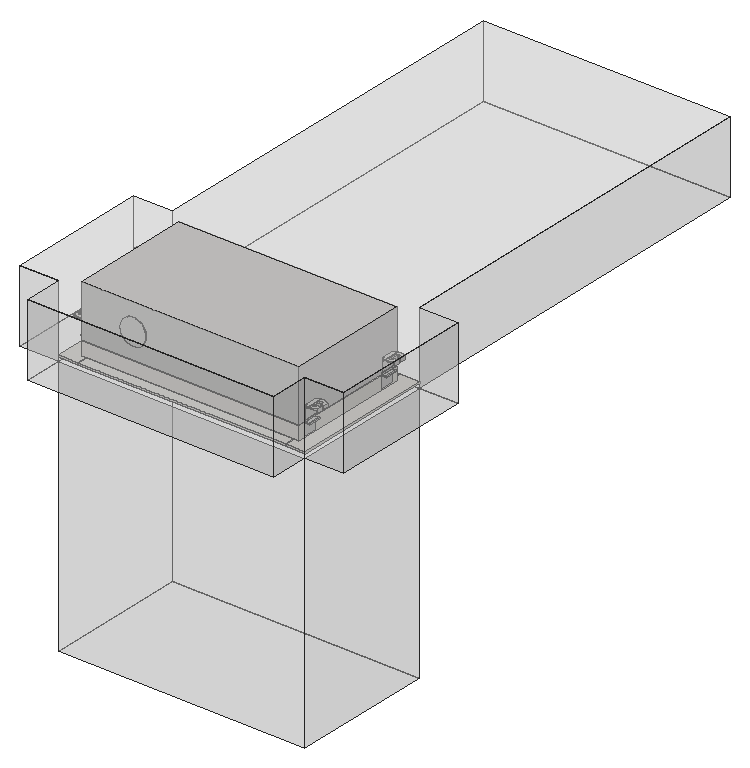
Revit family "outputfile", category 機械設備, Revit 2024
Family settings
  丸型コネクタ寸法 = 半径を使用
  パーツ タイプ = 標準
  OmniClass 番号 = 23.75.10.24.21.27.27
  OmniClass タイトル = Split System Air Conditioning Units
  作業面ベース = いいえ
  常に垂直 = はい
  ロード時にボイドで切り取り = いいえ
  注釈の向きを維持 = いいえ
  共有 = いいえ
  部屋計算ポイント = はい
Parameters (values of type "FXEQ20AV36")
  製造元 = "Daikin"
  書き出し IFC クラス(タイプ) = "IfcUnitaryEquipmentType"
  定義済み IFC タイプ(タイプ) = "AIRCONDITIONINGUNIT"
  モデル = "FXEQ20AV36"
  w_mountinghole = if(Width = 1350 mm, 1303 mm, 903 mm)  # 903 mm
  w_casing = if(Width = 1350 mm, 1240 mm, 840 mm)  # 840 mm
  r_OAduct = OA Duct Size Diameter / 2  # 50 mm
  r_Liquid Pipe Size = Liquid Pipe Size / 2  # 3.2 mm
  r_Gas Pipe Size = Gas Pipe Size / 2  # 6.35 mm
  r_Drain Pipe Size = Drain Pipe Size / 2  # 13.0 mm
  lw_powersuply = w_casing / 2 + 1.5 mm  # 421.5 mm
  lw_gaspipe = w_casing / 2 + 65 mm  # 485 mm
  lw_drainpipe = w_casing / 2 + 32 mm  # 452 mm
  lw_liquidpipe = w_casing / 2 + 55 mm  # 475 mm
  lw_OA = if(Width = 1350 mm, 420 mm, 220 mm)  # 220 mm
  lh_powersuply = 129.2 mm
  lh_liquidpipe = 180 mm
  lh_gaspipe = 138 mm
  lh_drainpipe = 215 mm
  lh_OA = 65 mm
  ld_powersuply = 64.2 mm
  ld_liquidpipe = 26 mm
  ld_gaspipe = 72 mm
  ld_drainpipe = 69 mm
  ld_OA = 235 mm
  h_mountinghole = 115 mm
  h_casing = 255 mm
  h_antenna = h_casing - h_mountinghole + 1 mm  # 141 mm
  d_mountinghole = 371 mm
  d_casing = 470 mm
  Width = 950 mm
  Voltage_comment_50Hz = "220-240"
  Voltage_50Hz = 220 V
  Version = "ver.1.0"
  Unit Type = "Ceiling Mounted Cassette(Single Flow）"
  Unit Mass Weight = 17.00 kg
  Unit Designation [instance] = ""
  Uniclass2015Version = "Products v1.30"
  Uniclass2015Title = "Variable refrigerant flow units"
  Uniclass2015Code = "Pr_70_65_03_94"
  Total Heating Capacity [instance] = 0.000 kW
  Total Cooling Capacity [instance] = 0.000 kW
  Sound Pressure Level_M speed (dBA) = 28
  Sound Pressure Level_L speed (dBA) = 26
  Sound Pressure Level_H speed (dBA) = 30
  Series = "VRV Fan Coil Unit"
  Sensible Cooling Capacity [instance] = 0.000 kW
  Refrigerant Type = "R410A"
  Power Input (Heating) = 0.022 kW
  Power Input (Cooling) = 0.026 kW
  Phase_50Hz = 1
  Option Accessory 3 [instance] = ""
  Option Accessory 2 [instance] = ""
  Option Accessory 1 [instance] = ""
  OA Duct Size Diameter = 100 mm
  Nominal Heating Capacity = 2.500 kW
  Nominal Cooling Capacity = 2.200 kW
  Minimum Circuit Amps_50Hz = 0.3 A
  Minimum Airflow = 240.00 m³/h
  Median Airflow = 294.00 m³/h
  Maximum Fuse Amps_50Hz = 16.0 A
  Maximum Airflow = 360.00 m³/h
  Material_Casing = DAIKIN_GalvanizedSteel_Casing_indoorunit
  Load Classification = HVAC
  Liquid Pipe Size = 6.4 mm
  Link_Nested Family [instance] = ""
  IfcVersion = ""
  IfcExportType = "AIRCONDITIONINGUNIT"
  IfcExportAs = "IfcUnitaryEquipmentType"
  Height = 280 mm
  Heating Entering Wet Bulb Temperature [instance] = 0.00 °C
  Heating Entering Dry Bulb Temperature [instance] = 0.00 °C
  Heating Ambient Wet Bulb Temperature [instance] = 0.00 °C
  Heating Ambient Dry Bulb Temperature [instance] = 0.00 °C
  Heat Exchanger Type = "Cross Fin Coil"
  Gas Pipe Size = 12.7 mm
  Frequency_50Hz = 50 Hz
  Fan Type = "Sirocco Fan"
  Fan Drive = "Direct Drive"
  FCU Tag No. [instance] = ""
  Drain Pipe Size = 26.0 mm
  Design Supply Airflow [instance] = 0.00 m³/h
  Design Outdoor Airflow [instance] = 0.00 m³/h
  Depth = 550 mm
  既定の高さ = 0 mm
  Cooling Entering Wet Bulb Temperature [instance] = 0.00 °C
  Cooling Entering Dry Bulb Temperature [instance] = 0.00 °C
  Cooling Ambient Wet Bulb Temperature [instance] = 0.00 °C
  Cooling Ambient Dry Bulb Temperature [instance] = 0.00 °C
  Clearance visibility [instance] = yes
  Clearance Top = 0 mm
  Clearance Right = 150 mm
  Clearance Rear = 1500 mm
  Clearance Left = 150 mm
  Clearance Front = 150 mm
  Clearance Bottom = 1000 mm
Reference planes
  plane 1 "Center (Front/Back)": y = 0
  plane 2 "ceiling plane": z = 0
  plane 3 "Center (Left/Right)": x = 0
  plane 4 "Back": y = 275
  plane 5 "Front": y = -275
  plane 6 "Left": x = -475
  plane 7 "Right": x = 475
  plane 8 "Top": z = 255
  plane 9 "Bottom": z = -25
  plane 10: x = -420
  plane 11: x = 420
  plane 12: y = 235
  plane 13: y = -235
  plane 14: x = 170
  plane 15: y = 185.5
  plane 16: y = -185.5
  plane 17: x = -451.5
  plane 18: x = 451.5
  plane 19: y = 26
  plane 20: y = 72
  plane 21: y = 69
  plane 22: x = -475
  plane 23: x = -485
  plane 24: x = -452
  plane 25 "Clearance Rear": y = 1775
  plane 26 "Clearance Front": y = -425
  plane 27 "Clearance Left": x = -625
  plane 28 "Clearance Right": x = 625
  plane 29 "Clearance Top": z = 255
  plane 30 "Clearance Bottom": z = -1025
  plane 31: y = -64.2
  plane 32: z = 190
  plane 33: z = 215
  plane 34: y = 69
  plane 35: z = 180
  plane 36: y = 26
  plane 37: z = 138
  plane 38: y = 72
  plane 39: x = -220
Forms (mm)
  Extrusion 1, solid, material "DAIKIN_GalvanizedSteel_Casing_indoorunit" <- "Material_Casing"
    sketch origin (0, 0, 0) x (1, 0, 0) y (0, 1, 0)
      loop
        line (-420, 235) -> (-420, -235) -> (420, -235) -> (420, 235) -> (-420, 235)
    from 55 to 255
  Extrusion 2, solid, material "DAIKIN_GalvanizedSteel_Casing_indoorunit" <- "Material_Casing"
    sketch origin (-1374.64, 235, 1200) x (-1, 0, 0) y (0, 0, 1)
      loop
        circle (-1154.64, -1048) r 50
    from -465 to -470
  Extrusion 3, solid, material "DAIKIN_GalvanizedSteel_Casing_indoorunit" <- "Material_Casing"
    sketch origin (-420, 1296.25, 1200) x (0, 1, 0) y (0, 0, 1)
      loop
        line (-1243.249, -1006) -> (-1211.249, -1006)
        arc (-1211.249, -1006) -> (-1207.714, -1004.536) -> (-1206.249, -1001) r 5
        line (-1206.249, -1001) -> (-1206.249, -969)
        arc (-1206.249, -969) -> (-1207.714, -965.464) -> (-1211.249, -964) r 5
        line (-1211.249, -964) -> (-1243.249, -964)
        arc (-1243.249, -964) -> (-1246.785, -965.464) -> (-1248.249, -969) r 5
        line (-1248.249, -969) -> (-1248.249, -1001)
        arc (-1248.249, -1001) -> (-1246.785, -1004.536) -> (-1243.249, -1006) r 5
    from 0 to -3
  Extrusion 4, solid, material "DAIKIN_GalvanizedSteel_Casing_indoorunit" <- "Material_Casing"
    sketch origin (0, 0, 0) x (1, 0, 0) y (0, 0, 1)
      loop
        line (-438.5, 45) -> (-439.7, 45) -> (-439.7, 30.5)
        arc (-439.7, 30.5) -> (-439.202, 29.298) -> (-438, 28.8) r 1.7
        line (-438, 28.8) -> (-420, 28.8) -> (-420, 30) -> (-438.5, 30) -> (-438.5, 45)
    from 40 to 90
  Extrusion 5, solid, material "DAIKIN_GalvanizedSteel_Casing_indoorunit" <- "Material_Casing"
    sketch origin (0, 0, 0) x (1, 0, 0) y (0, 0, 1)
      loop
        line (-438.5, 31) -> (-437.5, 31) -> (-437.5, 90.772)
        arc (-437.5, 90.772) -> (-437.145, 91.289) -> (-436.535, 91.145) r 0.555
        line (-436.535, 91.145) -> (-428.37, 82.164) -> (-427.63, 82.836) -> (-428.303, 83.576) -> (-435.89, 91.922)
        arc (-435.89, 91.922) -> (-437.541, 92.312) -> (-438.5, 90.913) r 1.5
        line (-438.5, 90.913) -> (-438.5, 31)
    from 40 to 90
  Extrusion 6, solid, material "DAIKIN_GalvanizedSteel_Casing_indoorunit" <- "Material_Casing"
    sketch origin (-420, 1296.25, 1200) x (0, 1, 0) y (0, 0, 1)
      loop
        circle (-1360.45, -1070.8) r 17.5
      loop
        circle (-1415.45, -1105.8) r 17.5
    from 0 to -1.5
  Extrusion 7, solid
    sketch origin (-265.5, 334.5, 0) x (0, 1, 0) y (0, 0, 1)
      loop
        circle (-265.5, 215) r 13
    from -154.5 to -186.5
  Extrusion 8, solid
    sketch origin (-420, 1296.25, 1200) x (0, 1, 0) y (0, 0, 1)
      loop
        circle (-1270.25, -1020) r 3.2
    from 0 to -55
  Extrusion 9, solid
    sketch origin (7, 137, 0) x (0, 1, 0) y (0, 0, 1)
      loop
        circle (-65, 138) r 6.35
    from -427 to -492
  Extrusion 10, solid, material "DAIKIN_GalvanizedSteel_Casing_indoorunit" <- "Material_Casing"
    sketch origin (-420, 1296.25, 1200) x (0, 1, 0) y (0, 0, 1)
      loop
        line (-1239.914, -1060.321) -> (-1240.938, -1060.321)
        arc (-1240.938, -1060.321) -> (-1241.786, -1060.672) -> (-1242.138, -1061.521) r 1.2
        line (-1242.138, -1061.521) -> (-1242.138, -1062.819) -> (-1250.138, -1062.821) -> (-1250.138, -1017.143)
        arc (-1250.138, -1017.143) -> (-1250.43, -1016.436) -> (-1251.138, -1016.143) r 1
        line (-1251.138, -1016.143) -> (-1257.415, -1016.143)
        arc (-1257.415, -1016.143) -> (-1258.122, -1016.436) -> (-1258.415, -1017.143) r 1
        line (-1258.415, -1017.143) -> (-1258.415, -1020)
        arc (-1258.415, -1020) -> (-1270.25, -1031.835) -> (-1282.086, -1020) r 11.835
        line (-1282.086, -1020) -> (-1282.086, -1017.143)
        arc (-1282.086, -1017.143) -> (-1282.379, -1016.436) -> (-1283.086, -1016.143) r 1
        line (-1283.086, -1016.143) -> (-1306.138, -1016.143)
        arc (-1306.138, -1016.143) -> (-1308.259, -1017.022) -> (-1309.138, -1019.143) r 3
        line (-1309.138, -1019.143) -> (-1309.138, -1145) -> (-1189.638, -1145) -> (-1189.638, -1063.321)
        arc (-1189.638, -1063.321) -> (-1190.516, -1061.199) -> (-1192.638, -1060.321) r 3
        line (-1192.638, -1060.321) -> (-1209.75, -1060.321) -> (-1209.75, -1062)
        arc (-1209.75, -1062) -> (-1224.485, -1076.498) -> (-1238.743, -1061.53) r 14.5
        arc (-1238.743, -1061.53) -> (-1239.072, -1060.677) -> (-1239.914, -1060.321) r 1.172
    from 0 to -1
Dimensions and locks
  "Width": plane 6 "Left" to plane 7 "Right"
  "Depth": plane 4 "Back" to plane 5 "Front"
  "Height": plane 8 "Top" to plane 9 "Bottom"
  equal spacing: plane 12, plane 1 "Center (Front/Back)", plane 13
  "d_casing": plane 12 to plane 13
  equal spacing: plane 6 "Left", plane 3 "Center (Left/Right)", plane 7 "Right"
  "w_casing": plane 10 to plane 11
  locked: plane 14 to plane 11 at 250
  "h_casing": plane 8 "Top" to level
  equal spacing: plane 15, plane 1 "Center (Front/Back)", plane 16
  "d_mountinghole": plane 15 to plane 16
  equal spacing: plane 17, plane 3 "Center (Left/Right)", plane 18
  "w_mountinghole": plane 17 to plane 18
  "ld_liquidpipe": plane 1 "Center (Front/Back)" to plane 19
  "ld_gaspipe": plane 1 "Center (Front/Back)" to plane 20
  "ld_drainpipe": plane 1 "Center (Front/Back)" to plane 21
  "Clearance Left": plane 27 "Clearance Left" to plane 6 "Left"
  "Clearance Right": plane 7 "Right" to plane 28 "Clearance Right"
  "Clearance Front": plane 5 "Front" to plane 26 "Clearance Front"
  "Clearance Rear": plane 25 "Clearance Rear" to plane 4 "Back"
  "Clearance Top": plane 29 "Clearance Top" to plane 8 "Top"
  "Clearance Bottom": plane 9 "Bottom" to plane 30 "Clearance Bottom"
  "lh_OA": plane 29 "Clearance Top" to plane 32
  equal spacing: plane 4 "Back", plane 1 "Center (Front/Back)", plane 5 "Front"
  equal spacing: plane 10, plane 3 "Center (Left/Right)", plane 11
  "lw_OA": plane 3 "Center (Left/Right)" to Extrusion 2 sketch curve
  Extrusion 2 sketch curve to level = 152 mm
  locked: plane 10 to Extrusion 4 sketch curve at 18.5
  locked: Extrusion 4 sketch curve to Extrusion 4 sketch curve at 1.2
  locked: Extrusion 4 to Extrusion 5 sketch curve at 1
  "ld_powersuply": plane 31 to plane 1 "Center (Front/Back)"
  "lw_drainpipe": plane 24 to plane 3 "Center (Left/Right)"
  "ld_drainpipe": plane 34 to plane 1 "Center (Front/Back)"
  locked: Extrusion 7 sketch curve to level at 215
  "lw_liquidpipe": plane 22 to plane 3 "Center (Left/Right)"
  "lw_gaspipe": plane 23 to plane 3 "Center (Left/Right)"
  "lw_OA": plane 39 to plane 3 "Center (Left/Right)"
  "r_Drain Pipe Size": radius of Extrusion 7 sketch curve
  "r_Liquid Pipe Size": radius of Extrusion 8 sketch curve
  "r_Gas Pipe Size": radius of Extrusion 9 sketch curve
  aligned and locked: level to plane 2 "ceiling plane"
  aligned and locked: plane 6 "Left" to nested 1
  aligned and locked: plane 9 "Bottom" to nested 1
  aligned and locked: Extrusion 1 sketch curve to plane 10
  aligned and locked: plane 12 to Extrusion 1 sketch curve
  aligned and locked: Extrusion 1 sketch curve to plane 13
  aligned and locked: plane 11 to Extrusion 1 sketch curve
  aligned and locked: plane 8 "Top" to Extrusion 1
  aligned and locked: plane 11 to nested 2
  aligned and locked: plane 10 to nested 3
  aligned and locked: nested 7 to plane 15
  aligned and locked: plane 18 to nested 7
  aligned and locked: nested 6 to plane 16
  aligned and locked: plane 18 to nested 6
  aligned and locked: nested 4 to plane 15
  aligned and locked: plane 17 to nested 4
  aligned and locked: nested 5 to plane 16
  aligned and locked: plane 17 to nested 5
  aligned and locked: plane 1 "Center (Front/Back)" to nested 8
  aligned and locked: plane 3 "Center (Left/Right)" to nested 8
  aligned and locked: plane 29 "Clearance Top" to nested 8
  aligned and locked: plane 1 "Center (Front/Back)" to nested 1
  aligned and locked: plane 3 "Center (Left/Right)" to nested 1
  aligned and locked: nested 3 to plane 15
  aligned and locked: nested 9 to plane 16
  aligned and locked: plane 10 to nested 9
  aligned and locked: plane 15 to nested 2
  aligned and locked: plane 16 to nested 10
  aligned and locked: plane 11 to nested 10
  aligned and locked: Extrusion 2 to plane 13
  aligned and locked: Extrusion 4 sketch curve to plane 10
  aligned and locked: Extrusion 4 to Extrusion 5 sketch curve
  aligned and locked: plane 3 "Center (Left/Right)" to nested 11
  aligned and locked: nested 12 to plane 3 "Center (Left/Right)"
  aligned and locked: plane 34 to Extrusion 7 sketch curve
  aligned and locked: Extrusion 7 to plane 24
  aligned and locked: plane 10 to Extrusion 7
  aligned and locked: nested 13 to plane 19
  aligned and locked: nested 13 to plane 3 "Center (Left/Right)"
  aligned and locked: plane 35 to Extrusion 8 sketch curve
  aligned and locked: plane 36 to Extrusion 8 sketch curve
  aligned and locked: Extrusion 8 to plane 22
  aligned and locked: nested 14 to plane 3 "Center (Left/Right)"
  aligned and locked: plane 37 to Extrusion 9 sketch curve
  aligned and locked: plane 38 to Extrusion 9 sketch curve
  aligned and locked: Extrusion 9 to plane 23
  aligned and locked: plane 10 to Extrusion 9
  aligned and locked: plane 39 to nested 15
  aligned and locked: plane 1 "Center (Front/Back)" to nested 15
Automatic sketch dimensions
  Extrusion 3 sketch curve to plane 1 "Center (Front/Back)" = 48.001 mm
  Extrusion 3 sketch curve to Extrusion 3 sketch curve = 5 mm  (x3)
  plane 32 to Extrusion 3 sketch curve = 4 mm
  Extrusion 3 sketch curve to Extrusion 3 sketch curve = 32 mm
  Extrusion 3 sketch curve to Extrusion 3 sketch curve = 0 mm
  Extrusion 3 sketch curve to plane 8 "Top" = 24 mm
  plane 17 to Extrusion 4 sketch curve = 13.5 mm
  level to Extrusion 4 sketch curve = 28.8 mm
  Extrusion 4 sketch curve to Extrusion 4 sketch curve = 0.5 mm
  Extrusion 4 sketch curve to Extrusion 4 sketch curve = 14.5 mm
  Extrusion 5 sketch curve to Extrusion 5 sketch curve = 0.5 mm
  Extrusion 5 sketch curve to Extrusion 5 sketch curve = 0.055 mm
  Extrusion 5 sketch curve to Extrusion 5 sketch curve = 0.465 mm
  Extrusion 5 sketch curve to Extrusion 5 sketch curve = 0.645 mm
  Extrusion 5 sketch curve to plane 10 = 8.37 mm
  Extrusion 5 sketch curve to Extrusion 5 sketch curve = 0.067 mm
  Extrusion 5 sketch curve to Extrusion 5 sketch curve = 0.673 mm  (x2)
  level to Extrusion 5 sketch curve = 31 mm
  Extrusion 5 sketch curve to Extrusion 5 sketch curve = 51.164 mm
  Extrusion 5 sketch curve to Extrusion 5 sketch curve = 0.74 mm
  Extrusion 5 sketch curve to Extrusion 5 sketch curve = 0.141 mm
  Extrusion 10 sketch curve to plane 19 = 0 mm
  Extrusion 10 sketch curve to plane 20 = 0 mm
  Extrusion 10 sketch curve to Extrusion 10 sketch curve = 11.835 mm
  Extrusion 10 sketch curve to Extrusion 10 sketch curve = 1 mm  (x2)
  Extrusion 10 sketch curve to plane 32 = 6.143 mm
  plane 1 "Center (Front/Back)" to Extrusion 10 sketch curve = 9.887 mm
  plane 1 "Center (Front/Back)" to Extrusion 10 sketch curve = 12.887 mm
  Extrusion 10 sketch curve to Extrusion 10 sketch curve = 6.277 mm
  plane 19 to Extrusion 10 sketch curve = 20.113 mm
  Extrusion 10 sketch curve to Extrusion 10 sketch curve = 8 mm
  Extrusion 10 sketch curve to Extrusion 10 sketch curve = 1.2 mm
  Extrusion 10 sketch curve to Extrusion 10 sketch curve = 1.024 mm
  Extrusion 10 sketch curve to Extrusion 10 sketch curve = 0 mm  (x3)
  plane 20 to Extrusion 10 sketch curve = 14.5 mm
  Extrusion 10 sketch curve to Extrusion 10 sketch curve = 17.113 mm
  Extrusion 10 sketch curve to Extrusion 10 sketch curve = 3 mm
  Extrusion 10 sketch curve to plane 32 = 10 mm
  Extrusion 10 sketch curve to Extrusion 10 sketch curve = 40.321 mm
  Extrusion 10 sketch curve to Extrusion 10 sketch curve = 1.172 mm
  Extrusion 10 sketch curve to Extrusion 10 sketch curve = 1.679 mm
  Extrusion 10 sketch curve to Extrusion 10 sketch curve = 1.298 mm
  Extrusion 10 sketch curve to Extrusion 10 sketch curve = 0.002 mm
  level to Extrusion 10 sketch curve = 55 mm
  Extrusion 10 sketch curve to Extrusion 10 sketch curve = 2.857 mm
  radius of Extrusion 2 sketch curve = 50 mm
Nested families
  nested 1: "daikin_round flow_panel" at (0, 0, 0), type "fresh white"
  nested 2: "daikin_hangerfixture_FXEQ-AV36" at (420, 185.5, 115) x (0, 1, 0) z (0, 0, 1), built-in parameter 1001364 <- "h_mountinghole", type "daikin_hangerfixture_FXEQ-AV36"
  nested 3: "daikin_hangerfixture_FXEQ-AV36" at (-420, 185.5, 115) x (0, 1, 0) z (0, 0, 1), built-in parameter 1001364 <- "h_mountinghole", type "daikin_hangerfixture_FXEQ-AV36"
  nested 4: "daikin_mountinghole" at (-451.5, 185.5, 0), l_antenna <- "h_antenna", Link_Nested Family <- "Link_Nested Family", h_mountinghole <- "h_mountinghole", type "daikin_mountinghole"
    with show yes, l_antenna 141 mm, h_mountinghole 115 mm, Link_Nested Family ""
  nested 5: "daikin_mountinghole" at (-451.5, -185.5, 0), l_antenna <- "h_antenna", Link_Nested Family <- "Link_Nested Family", h_mountinghole <- "h_mountinghole", type "daikin_mountinghole"
    with show yes, l_antenna 141 mm, h_mountinghole 115 mm, Link_Nested Family ""
  nested 6: "daikin_mountinghole" at (451.5, -185.5, 0), l_antenna <- "h_antenna", Link_Nested Family <- "Link_Nested Family", h_mountinghole <- "h_mountinghole", type "daikin_mountinghole"
    with show yes, l_antenna 141 mm, h_mountinghole 115 mm, Link_Nested Family ""
  nested 7: "daikin_mountinghole" at (451.5, 185.5, 0), l_antenna <- "h_antenna", Link_Nested Family <- "Link_Nested Family", h_mountinghole <- "h_mountinghole", type "daikin_mountinghole"
    with show yes, l_antenna 141 mm, h_mountinghole 115 mm, Link_Nested Family ""
  nested 8: "daikin_clearancespace_cassette" at (0, 0, 115), depth_outline <- "Depth", height_outline <- "Height", width_outline <- "Width", depth_front <- "Clearance Front", depth_rear <- "Clearance Rear", height_bottom <- "Clearance Bottom", height_top <- "Clearance Top", width_left <- "Clearance Left", width_right <- "Clearance Right", show <- "Clearance visibility", visible <- "Clearance visibility", Link_Nested Family <- "Link_Nested Family", type "daikin_clearancespace_cassette"
    with width_right 150 mm, width_outline 950 mm, width_left 150 mm, width 1823.963 mm, show yes, height_top 0 mm, height_outline 280 mm, height_bottom 1000 mm, height 1359.762 mm, depth_rear 1500 mm, depth_outline 550 mm, depth_front 150 mm, depth 880 mm, Link_Nested Family ""
  nested 9: "daikin_hangerfixture_FXEQ-AV36" at (-420, -185.5, 115) x (0, 1, 0) z (0, 0, 1), built-in parameter 1001364 <- "h_mountinghole", type "daikin_hangerfixture_FXEQ-AV36"
  nested 10: "daikin_hangerfixture_FXEQ-AV36" at (420, -185.5, 115) x (0, 1, 0) z (0, 0, 1), built-in parameter 1001364 <- "h_mountinghole", type "daikin_hangerfixture_FXEQ-AV36"
  nested 11: "daikin_connector_rotate2" at (0, -64.2, 129.2) x (0, 1, 0) z (0, 0, 1), length <- "lw_powersuply", built-in parameter 1001364 <- "lh_powersuply", type "daikin_connector_rotate2"
    with radius 10 mm, length 421.5 mm, angle_vertical 90.00°
  nested 12: "daikin_connector_rotate2" at (0, 69, 215) x (0, -1, 0) z (0, 0, 1), built-in parameter 1001364 <- "lh_drainpipe", radius <- "r_Drain Pipe Size", length <- "lw_drainpipe", type "daikin_connector_rotate2"
    with radius 13 mm, length 452 mm, angle_vertical 90.00°
  nested 13: "daikin_connector_rotate2" at (0, 26, 180) x (0, -1, 0) z (0, 0, 1), built-in parameter 1001364 <- "lh_liquidpipe", radius <- "r_Liquid Pipe Size", length <- "lw_liquidpipe", type "daikin_connector_rotate2"
    with radius 3.2 mm, length 475 mm, angle_vertical 90.00°
  nested 14: "daikin_connector_rotate2" at (0, 72, 138) x (0, -1, 0) z (0, 0, 1), built-in parameter 1001364 <- "lh_gaspipe", radius <- "r_Gas Pipe Size", length <- "lw_gaspipe", type "daikin_connector_rotate2"
    with radius 6.35 mm, length 485 mm, angle_vertical 90.00°
  nested 15: "daikin_connector_rotate2" at (-220, 0, 152), radius <- "r_OAduct", length <- "ld_OA", type "daikin_connector_rotate2"
    with radius 50 mm, length 235 mm, angle_vertical 90.00°
Connectors
  electrical at (-421.5, -64.2, 129.2), driven by "Load Classification"
    settings: on nested 11, index 6, voltage 0 V, apparent load 0 VA, apparent load phase1 0 VA, apparent load phase2 0 VA, apparent load phase3 0 VA, power factor 1, load classification "HVAC", number of poles 1, system type 30, power factor state 1, is connector primary yes, connector utility no, sub classification motor no, connector description "Power Supply"
  piping at (-452, 69, 215), diameter 26, driven by "r_Drain Pipe Size"
    settings: on nested 12, index 7, connector inside diameter 609.6 mm, connector length 0 mm, flow factor 0, pipe flow 0.00 m³/h, pressure drop 0.0 Pa, fitting loss kfactor 0, connector angle 0.00°, fixture units 0, engagement length 0 mm, angle of deflection 0.00°, flow configuration 1, flow direction 2, fitting loss method 4, system type 16, joint type 0, gender type 0, connector reference index -1, connector utility 0, adjustable connector no, is connector primary yes, connector description "Condensate Drain Piping"
  piping at (-475, 26, 180), diameter 6.4, driven by "r_Liquid Pipe Size"
    settings: on nested 13, index 8, connector inside diameter 609.6 mm, connector length 0 mm, flow factor 0, pipe flow 0.00 m³/h, pressure drop 0.0 Pa, fitting loss kfactor 0, connector angle 0.00°, fixture units 0, engagement length 0 mm, angle of deflection 0.00°, flow configuration 1, flow direction 1, fitting loss method 0, system type 29, joint type 0, gender type 0, connector reference index -1, connector utility 0, adjustable connector no, is connector primary no, connector description "Refrigerant Liquid Piping"
  hvac at (-220, -235, 152), driven by "r_OAduct"
    settings: on Extrusion 2, index 9, duct flow 0.00 m³/h, flow factor 0, pres drop 0.00 Pa, loss coef 0, conn angle 0.00°, conn width 304.8 mm, conn height 304.8 mm, conn diameter 100.0 mm, duct sys type 1, conn prof type 0, flow config 0, flow direction 1, loss method 4, conn ref index -1, conn util no, is conn primary yes, conn desc "OA Duct"
  piping at (-485, 72, 138), diameter 12.7, driven by "r_Gas Pipe Size"
    settings: on nested 14, index 10, connector inside diameter 609.6 mm, connector length 0 mm, flow factor 0, pipe flow 0.00 m³/h, pressure drop 0.0 Pa, fitting loss kfactor 0, connector angle 0.00°, fixture units 0, engagement length 0 mm, angle of deflection 0.00°, flow configuration 1, flow direction 2, fitting loss method 0, system type 29, joint type 0, gender type 0, connector reference index -1, connector utility 0, adjustable connector no, is connector primary no, connector description "Refrigerant Gas Piping"
Definition of nested family "daikin_round flow_panel"
  Parameters (values of type "fresh white")
    width = if(W = 950 mm, 950 mm, 1350 mm)  # 950 mm
    w_casing = width - 110 mm  # 840 mm
    material_panel = none
    material_casing = none
    height = 50 mm
    depth = 550 mm  # constant formula
    d_casing = 470 mm  # constant formula
    W = 950 mm
    Default Elevation = 0 mm
    L = if(W = 950 mm, 170 mm, 208 mm)  # 170 mm
  Reference planes
    plane 1 "Center (Front/Back)": y = 0
    plane 2: z = 0
    plane 3 "Center (Left/Right)": x = 0
    plane 4: y = 275
    plane 5: y = -275
    plane 6: x = -475
    plane 7: x = 475
    plane 8 "Bottom": z = -25
    plane 9: y = 235
    plane 10: y = -235
    plane 11: x = -420
    plane 12: x = 420
    plane 13: z = 50
    plane 14: x = -305
  Forms (mm)
    Extrusion 1, solid, material <- "material_panel"
      sketch origin (0, 0, 0) x (1, 0, 0) y (0, 0, 1)
        loop
          line (-400, -25) -> (-400, 0) -> (-475, 0) -> (-475, -8.325)
          arc (-475, -8.325) -> (-438.157, -19.618) -> (-400, -25) r 245.193
        loop
          arc (400, -25) -> (438.157, -19.618) -> (475, -8.325) r 245.193
          line (475, -8.325) -> (475, 0) -> (400, 0) -> (400, -25)
      from -275 to 275
    Extrusion 2, solid, material <- "material_panel"
      sketch origin (0, 0, 0) x (1, 0, 0) y (0, 0, 1)
        loop
          line (-400, 0) -> (-400, -17.308) -> (400, -17.303) -> (400, 0) -> (-400, 0)
      from 235 to 275
    Extrusion 3, solid, material <- "material_panel"
      sketch origin (0, 510, 0) x (1, 0, 0) y (0, 0, 1)
        loop
          line (-400, 0) -> (-400, -17.308) -> (400, -17.303) -> (400, 0) -> (-400, 0)
      from 235 to 275
    Extrusion 4, solid, material <- "material_panel"
      sketch origin (0, 0, 0) x (1, 0, 0) y (0, 0, 1)
        loop
          line (-400, 0) -> (-400, -23) -> (400, -23) -> (400, 0) -> (-400, 0)
      from 5 to 235
    Extrusion 5, solid, material <- "material_panel"
      sketch origin (0, 0, 0) x (1, 0, 0) y (0, 0, 1)
        loop
          line (-400, 0) -> (-400, -25) -> (400, -25) -> (400, 0) -> (-400, 0)
      from 5 to -150
    Extrusion 6, solid, material <- "material_panel"
      sketch origin (0, 0, 0) x (1, 0, 0) y (0, 1, 0)
        loop
          line (-400, 235) -> (-400, 179) -> (-305, 179) -> (-305, 235) -> (-400, 235)
      from 0 to -17.308
    Extrusion 7, solid, material <- "material_panel"
      sketch origin (0, 0, 0) x (1, 0, 0) y (0, 1, 0)
        loop
          line (-400, 179) -> (-400, 150) -> (-305, 150) -> (-305, 179) -> (-400, 179)
      from 0 to -17.3
    Extrusion 8, solid, material <- "material_panel"
      sketch origin (0, 0, 0) x (1, 0, 0) y (0, 1, 0)
        loop
          line (-305, 235) -> (-305, 202.5) -> (400, 202.5) -> (400, 235) -> (-305, 235)
      from 0 to -17.3
    Extrusion 9, solid, material <- "material_panel"
      sketch origin (0, 0, 0) x (1, 0, 0) y (0, 1, 0)
        loop
          line (-305, 202.5) -> (-305, 179) -> (400, 179) -> (400, 202.5) -> (-305, 202.5)
      from 0 to -17.3
    Extrusion 10, solid, material <- "material_panel"
      sketch origin (0, 0, 0) x (1, 0, 0) y (0, 1, 0)
        loop
          line (-420, 235) -> (-420, -235) -> (420, -235) -> (420, 235) -> (-420, 235)
      from 0 to 50
    Extrusion 11, void
      sketch origin (0, 0, 0) x (0, 1, 0) y (0, 0, 1)
        loop
          line (-275, -7.476) -> (-275, -25) -> (-152.477, -25)
          arc (-152.477, -25) -> (-214.362, -20.597) -> (-275, -7.476) r 437.093
        loop
          arc (275, -7.476) -> (214.362, -20.597) -> (152.477, -25) r 437.093
          line (152.477, -25) -> (275, -25) -> (275, -7.476)
      from 475 to -475
  Cuts and joins
    Extrusion 11 cuts Extrusion 2
    Extrusion 11 cuts Extrusion 3
    Extrusion 11 cuts Extrusion 4
    Extrusion 11 cuts Extrusion 1
  Dimensions and locks
    "width": plane 6 to plane 7
    "depth": plane 4 to plane 5
    equal spacing: plane 6, plane 3 "Center (Left/Right)", plane 7
    equal spacing: plane 4, plane 1 "Center (Front/Back)", plane 5
    equal spacing: plane 9, plane 1 "Center (Front/Back)", plane 10
    "d_casing": plane 9 to plane 10
    equal spacing: plane 11, plane 3 "Center (Left/Right)", plane 12
    "w_casing": plane 11 to plane 12
    locked: level to plane 8 "Bottom" at 25
    "height": plane 13 to level
    locked: Extrusion 1 sketch curve to Extrusion 1 sketch curve at 75  (x2)
    locked: plane 9 to Extrusion 6 sketch curve at 56
    "L": plane 6 to plane 14
    aligned and locked: level to plane 2
    aligned and locked: Extrusion 1 sketch curve to level
    aligned and locked: level to Extrusion 1 sketch curve
    aligned and locked: plane 4 to Extrusion 1
    aligned and locked: Extrusion 1 to plane 5
    aligned and locked: Extrusion 1 to plane 6
    aligned and locked: plane 7 to Extrusion 1
    aligned and locked: Extrusion 2 sketch curve to level
    aligned and locked: Extrusion 1 to Extrusion 2 sketch curve
    aligned and locked: Extrusion 2 sketch curve to Extrusion 1
    aligned and locked: plane 4 to Extrusion 3
    aligned and locked: Extrusion 3 to plane 9
    aligned and locked: Extrusion 4 sketch curve to Extrusion 1
    aligned and locked: Extrusion 1 to Extrusion 4 sketch curve
    aligned and locked: Extrusion 4 to plane 10
    aligned and locked: Extrusion 5 sketch curve to level
    aligned and locked: plane 8 "Bottom" to Extrusion 5 sketch curve
    aligned and locked: Extrusion 5 sketch curve to Extrusion 1  (x2)
    aligned and locked: Extrusion 6 sketch curve to plane 9
    aligned and locked: Extrusion 1 to Extrusion 7 sketch curve
    aligned and locked: Extrusion 7 sketch curve to plane 14
    aligned and locked: Extrusion 6 to Extrusion 7 sketch curve
    aligned and locked: Extrusion 5 to Extrusion 7 sketch curve
    aligned and locked: Extrusion 8 sketch curve to plane 9
    aligned and locked: plane 14 to Extrusion 8 sketch curve
    aligned and locked: Extrusion 1 to Extrusion 8 sketch curve
    aligned and locked: plane 14 to Extrusion 9 sketch curve
    aligned and locked: Extrusion 9 sketch curve to Extrusion 8
    aligned and locked: Extrusion 9 sketch curve to Extrusion 7
    aligned and locked: Extrusion 1 to Extrusion 9 sketch curve
    aligned and locked: plane 14 to Extrusion 6
    aligned and locked: plane 11 to Extrusion 10 sketch curve
    aligned and locked: Extrusion 10 sketch curve to plane 12
    aligned and locked: plane 10 to Extrusion 10 sketch curve
    aligned and locked: Extrusion 10 sketch curve to plane 9
    aligned and locked: plane 13 to Extrusion 10
    aligned and locked: plane 8 "Bottom" to Extrusion 1 sketch curve  (x2)
    aligned and locked: Extrusion 11 sketch curve to plane 8 "Bottom"
    aligned and locked: Extrusion 11 sketch curve to plane 5
    aligned and locked: plane 7 to Extrusion 11
    aligned and locked: Extrusion 11 to plane 6
  Automatic sketch dimensions
    Extrusion 1 sketch curve to plane 6 = 0 mm
    Extrusion 1 sketch curve to plane 7 = 0 mm
    plane 11 to Extrusion 1 sketch curve = 35.058 mm
    Extrusion 1 sketch curve to plane 12 = 35.058 mm
    Extrusion 1 sketch curve to level = 8.325 mm  (x2)
    plane 8 "Bottom" to Extrusion 2 sketch curve = 7.697 mm
    plane 8 "Bottom" to Extrusion 2 sketch curve = 7.692 mm
    Extrusion 3 sketch curve to level = 0 mm
    plane 8 "Bottom" to Extrusion 3 sketch curve = 7.692 mm
    plane 11 to Extrusion 3 sketch curve = 20 mm
    plane 8 "Bottom" to Extrusion 3 sketch curve = 7.697 mm
    Extrusion 3 sketch curve to plane 12 = 20 mm
    Extrusion 4 sketch curve to level = 0 mm
    plane 8 "Bottom" to Extrusion 4 sketch curve = 2 mm
    plane 11 to Extrusion 6 sketch curve = 20 mm
    Extrusion 6 sketch curve to Extrusion 6 sketch curve = 95 mm
    Extrusion 8 sketch curve to plane 9 = 32.5 mm
    Extrusion 11 sketch curve to plane 8 "Bottom" = 0 mm
    Extrusion 11 sketch curve to plane 4 = 0 mm
    plane 10 to Extrusion 11 sketch curve = 82.523 mm
    Extrusion 11 sketch curve to plane 9 = 82.523 mm
    Extrusion 11 sketch curve to level = 7.476 mm  (x2)
Definition of nested family "daikin_hangerfixture_FXEQ-AV36"
  Parameters (values of type "daikin_hangerfixture_FXEQ-AV36")
    width = 495 mm
    material = none
    height = 40 mm
    depth = 40 mm
    Default Elevation = 0 mm
  Reference planes
    plane 1 "Center (Front/Back)": y = 0
    plane 2: z = 0
    plane 3 "Center (Left/Right)": x = 0
  Forms (mm)
    Extrusion 1, solid, material <- "material"
      sketch origin (0, 0, 0) x (0, 1, 0) y (0, 0, 1)
        loop
          line (-49.5, -1.6) -> (-17, -1.6) -> (-14, -4.6) -> (-4.6, -4.6) -> (-4.6, -51.598) -> (-1.601, -54.597) -> (-1.6, -60) -> (-17, -60) -> (-17, -61.598) -> (0, -61.598) -> (0, 0) -> (-51.1, 0) -> (-51.1, -11.6) -> (-49.5, -11.6) -> (-49.5, -1.6)
      from -32.001 to 31.999
    Extrusion 2, void
      sketch origin (0, 0, 0) x (1, 0, 0) y (0, 1, 0)
        loop
          arc (-12.501, -25.5) -> (-18.501, -31.5) -> (-12.501, -37.5) r 6
          line (-12.501, -37.5) -> (-6.501, -37.5) -> (-6.501, -51.1) -> (6.499, -51.1) -> (6.499, -37.5) -> (12.499, -37.5)
          arc (12.499, -37.5) -> (18.499, -31.5) -> (12.499, -25.5) r 6
          line (12.499, -25.5) -> (-12.501, -25.5)
        loop
          line (-25.001, 0) -> (-32.001, 0) -> (-32.001, -14) -> (-25.001, -7.5) -> (-25.001, 0)
        loop
          line (24.999, 0) -> (24.999, -7.5) -> (31.999, -14) -> (31.999, 0) -> (24.999, 0)
        loop
          line (22.999, -49.5) -> (22.999, -51.1) -> (31.999, -51.1) -> (31.999, -28.715)
          arc (31.999, -28.715) -> (29.652, -40.04) -> (22.999, -49.5) r 28.5
        loop
          line (-32.001, -28.715) -> (-32.001, -51.1) -> (-23.001, -51.1) -> (-23.001, -49.5)
          arc (-23.001, -49.5) -> (-29.654, -40.04) -> (-32.001, -28.715) r 28.5
      from -61.6 to 0
    Extrusion 3, solid, material <- "material"
      sketch origin (0, 0, 0) x (0, 1, 0) y (0, 0, 1)
        loop
          line (0, -61.598) -> (-20, -61.598) -> (-20, -63.198) -> (-1.6, -63.198) -> (-1.6, -107.598) -> (0, -107.598) -> (0, -61.598)
      from -24.998 to 25.002
    Extrusion 4, void
      sketch origin (0, 0, 0) x (1, 0, 0) y (0, 0, 1)
        loop
          line (24.999, -59.998) -> (24.999, -61.598) -> (31.999, -61.598) -> (31.999, -59.998) -> (24.999, -59.998)
        loop
          line (-25.001, -59.998) -> (-32.001, -59.998) -> (-32.001, -61.598) -> (-25.001, -61.598) -> (-25.001, -59.998)
      from 0 to 17
  Cuts and joins
    Extrusion 2, Extrusion 4 cuts Extrusion 1
  Dimensions and locks
    aligned and locked: level to plane 2
    aligned and locked: level to Extrusion 2
  Automatic sketch dimensions
    Extrusion 1 sketch curve to level = 0 mm
    Extrusion 1 sketch curve to plane 1 "Center (Front/Back)" = 0 mm
    plane 1 "Center (Front/Back)" to Extrusion 1 sketch curve = 1.6 mm
    plane 1 "Center (Front/Back)" to Extrusion 1 sketch curve = 1.601 mm
    Extrusion 1 sketch curve to Extrusion 1 sketch curve = 2.999 mm  (x2)
    Extrusion 1 sketch curve to level = 4.6 mm
    Extrusion 1 sketch curve to Extrusion 1 sketch curve = 9.4 mm
    Extrusion 1 sketch curve to Extrusion 1 sketch curve = 15.4 mm
    Extrusion 1 sketch curve to level = 1.6 mm
    Extrusion 1 sketch curve to Extrusion 1 sketch curve = 3 mm
    Extrusion 1 sketch curve to Extrusion 1 sketch curve = 32.5 mm
    Extrusion 1 sketch curve to Extrusion 1 sketch curve = 1.6 mm
    Extrusion 1 sketch curve to Extrusion 1 sketch curve = 10 mm
    Extrusion 1 sketch curve to Extrusion 1 sketch curve = 46.998 mm
    Extrusion 1 sketch curve to Extrusion 1 sketch curve = 5.403 mm
    Extrusion 1 sketch curve to Extrusion 1 sketch curve = 1.598 mm
    plane 1 "Center (Front/Back)" to Extrusion 2 sketch curve = 0 mm  (x2)
    Extrusion 2 sketch curve to plane 3 "Center (Left/Right)" = 32.001 mm
    Extrusion 2 sketch curve to Extrusion 2 sketch curve = 0 mm
    plane 1 "Center (Front/Back)" to Extrusion 2 sketch curve = 7.5 mm  (x2)
    Extrusion 2 sketch curve to Extrusion 2 sketch curve = 7 mm  (x2)
    Extrusion 2 sketch curve to Extrusion 2 sketch curve = 9 mm  (x3)
    Extrusion 2 sketch curve to plane 3 "Center (Left/Right)" = 12.501 mm
    Extrusion 2 sketch curve to plane 3 "Center (Left/Right)" = 6.501 mm
    Extrusion 2 sketch curve to plane 3 "Center (Left/Right)" = 3.501 mm
    plane 3 "Center (Left/Right)" to Extrusion 2 sketch curve = 3.499 mm
    plane 3 "Center (Left/Right)" to Extrusion 2 sketch curve = 6.499 mm
    plane 3 "Center (Left/Right)" to Extrusion 2 sketch curve = 24.999 mm
    Extrusion 2 sketch curve to Extrusion 2 sketch curve = 6.5 mm  (x2)
    Extrusion 2 sketch curve to Extrusion 2 sketch curve = 18 mm
    Extrusion 2 sketch curve to Extrusion 2 sketch curve = 3.215 mm
    Extrusion 2 sketch curve to Extrusion 2 sketch curve = 14.715 mm
    Extrusion 2 sketch curve to Extrusion 2 sketch curve = 6 mm  (x2)
    Extrusion 2 sketch curve to Extrusion 2 sketch curve = 12 mm
    Extrusion 2 sketch curve to Extrusion 2 sketch curve = 13.6 mm
    Extrusion 2 sketch curve to Extrusion 2 sketch curve = 1.6 mm  (x2)
    Extrusion 3 sketch curve to Extrusion 3 sketch curve = 1.6 mm
    Extrusion 3 sketch curve to Extrusion 3 sketch curve = 18.4 mm
    Extrusion 3 sketch curve to plane 1 "Center (Front/Back)" = 0 mm
    plane 1 "Center (Front/Back)" to Extrusion 3 sketch curve = 1.6 mm
    Extrusion 3 sketch curve to Extrusion 3 sketch curve = 44.4 mm
    Extrusion 3 sketch curve to level = 61.598 mm
    Extrusion 4 sketch curve to plane 3 "Center (Left/Right)" = 32.001 mm
    Extrusion 4 sketch curve to Extrusion 4 sketch curve = 7 mm  (x2)
    plane 3 "Center (Left/Right)" to Extrusion 4 sketch curve = 24.999 mm
    Extrusion 4 sketch curve to level = 61.598 mm
    Extrusion 4 sketch curve to Extrusion 4 sketch curve = 0 mm
    Extrusion 4 sketch curve to Extrusion 4 sketch curve = 1.6 mm  (x2)
Definition of nested family "daikin_clearancespace_cassette"
  Parameters (values of type "daikin_clearancespace_cassette")
    Description = "daikin_clearancespace"
    width_right [instance] = 260 mm
    width_outline [instance] = 1303.963 mm
    width_left [instance] = 260 mm
    width [instance] = 1823.963 mm
    show [instance] = yes
    material = none
    height_top [instance] = 299.643 mm
    height_outline [instance] = 760.238 mm
    height_bottom [instance] = 299.881 mm
    height [instance] = 1359.762 mm
    depth_rear [instance] = 200 mm
    depth_outline [instance] = 480 mm
    depth_front [instance] = 200 mm
    depth [instance] = 880 mm
    Default Elevation = 0 mm
    Link_Nested Family [instance] = ""
  Reference planes
    plane 1 "Center (Front/Back)": y = 0
    plane 2 "Center (Elevation)": z = -0.119
    plane 3 "Center (Left/Right)": x = 0
    plane 4: y = 440
    plane 5: y = -440
    plane 6 "Right": x = 911.982
    plane 7 "Left": x = -911.982
    plane 8 "Top": z = 679.762
    plane 9 "Bottom": z = -680
    plane 10: y = 240
    plane 11: y = -240
    plane 12 "left_outline": x = -651.982
    plane 13 "right_outline": x = 651.982
    plane 14 "top_outline": z = 380.119
    plane 15 "bottom_outline": z = -380.119
  Forms (mm)
    Extrusion 1, solid, material <- "material", visible <- "show"
      sketch origin (0, 0, 0) x (1, 0, 0) y (0, 1, 0)
        loop
          line (-651.982, 440) -> (-651.982, 240) -> (-911.982, 240) -> (-911.982, -240) -> (-651.982, -240) -> (-651.982, -440) -> (651.982, -440) -> (651.982, -240) -> (911.982, -240) -> (911.982, 240) -> (651.982, 240) -> (651.982, 440) -> (-651.982, 440)
      from -380.119 to 380.119
    Extrusion 2, solid, material <- "material", visible <- "show"
      sketch origin (0, 0, 0) x (1, 0, 0) y (0, 1, 0)
        loop
          line (-651.982, 240) -> (-651.982, -240) -> (651.982, -240) -> (651.982, 240) -> (-651.982, 240)
      from -680 to 679.762
  Cuts and joins
    joined: Extrusion 1, Extrusion 2
  Lines and regions (mm)
    symbolic lines, visible <- "show"
      curve 1: line (651.982, 440, 0) -> (-651.982, 440, 0)
      curve 2: line (-911.982, 240, 0) -> (-911.982, -240, 0)
      curve 3: line (-651.982, -440, 0) -> (651.982, -440, 0)
      curve 4: line (911.982, -240, 0) -> (911.982, 240, 0)
      curve 5: line (-651.982, 0, 380.119) -> (-911.982, 0, 380.119)
      curve 6: line (911.982, 0, -380.119) -> (911.982, 0, 380.119)
      curve 7: line (-911.982, 0, 380.119) -> (-911.982, 0, -380.119)
      curve 8: line (0, 440, 380.119) -> (0, 240, 380.119)
      curve 9: line (0, -440, 380.119) -> (0, -440, -380.119)
      curve 10: line (0, 440, -380.119) -> (0, 440, 380.119)
      curve 11: line (0, 240, -380.119) -> (0, 440, -380.119)
      curve 12: line (-651.982, 240, 0) -> (-911.982, 240, 0)
      curve 13: line (-651.982, 440, 0) -> (-651.982, 240, 0)
      curve 14: line (651.982, 240, 0) -> (651.982, 440, 0)
      curve 15: line (911.982, 240, 0) -> (651.982, 240, 0)
      curve 16: line (651.982, -240, 0) -> (911.982, -240, 0)
      curve 17: line (651.982, -440, 0) -> (651.982, -240, 0)
      curve 18: line (-651.982, -240, 0) -> (-651.982, -440, 0)
      curve 19: line (-911.982, -240, 0) -> (-651.982, -240, 0)
      curve 20: line (651.982, 0, -680) -> (651.982, 0, 679.762)
      curve 21: line (-651.982, 0, 679.762) -> (-651.982, 0, -680)
      curve 22: line (0, -240, 679.762) -> (0, -240, -680)
      curve 23: line (0, 240, -680) -> (0, 240, 679.762)
    symbolic lines
      curve 24: line (-651.982, 0, -680) -> (651.982, 0, -680)
      curve 25: line (-651.982, 0, -380.119) -> (-911.982, 0, -380.119)
      curve 26: line (911.982, 0, -380.119) -> (651.982, 0, -380.119)
      curve 27: line (0, -240, -680) -> (0, 240, -680)
      curve 28: line (0, -440, -380.119) -> (0, -240, -380.119)
      curve 29: line (651.982, 0, 679.762) -> (-651.982, 0, 679.762)
      curve 30: line (0, 240, 679.762) -> (0, -240, 679.762)
      curve 31: line (651.982, 0, 380.119) -> (911.982, 0, 380.119)
      curve 32: line (0, -240, 380.119) -> (0, -440, 380.119)
  Dimensions and locks
    equal spacing: plane 10, plane 1 "Center (Front/Back)", plane 11
    equal spacing: plane 12 "left_outline", plane 3 "Center (Left/Right)", plane 13 "right_outline"
    "width_outline": plane 12 "left_outline" to plane 13 "right_outline"
    "depth_outline": plane 10 to plane 11
    equal spacing: plane 14 "top_outline", level, plane 15 "bottom_outline"
    "height_outline": plane 14 "top_outline" to plane 15 "bottom_outline"
    "height_top": plane 8 "Top" to plane 14 "top_outline"
    "height_bottom": plane 15 "bottom_outline" to plane 9 "Bottom"
    "width_right": plane 13 "right_outline" to plane 6 "Right"
    "width_left": plane 7 "Left" to plane 12 "left_outline"
    "depth_rear": plane 4 to plane 10
    "depth_front": plane 11 to plane 5
    aligned and locked: level to plane 2 "Center (Elevation)"
    aligned and locked: Extrusion 1 sketch curve to plane 4
    aligned and locked: plane 7 "Left" to Extrusion 1 sketch curve
    aligned and locked: Extrusion 1 sketch curve to plane 5
    aligned and locked: Extrusion 1 sketch curve to plane 6 "Right"
    aligned and locked: curve 1 to Extrusion 1
    aligned and locked: curve 2 to Extrusion 1
    aligned and locked: curve 3 to Extrusion 1
    aligned and locked: curve 4 to Extrusion 1
    aligned and locked: curve 6 to Extrusion 1
    aligned and locked: curve 7 to Extrusion 1
    aligned and locked: curve 8 to Extrusion 1
    aligned and locked: curve 9 to Extrusion 1
    aligned and locked: curve 10 to Extrusion 1
    aligned and locked: Extrusion 1 to curve 11
    aligned and locked: Extrusion 1 to plane 11  (x2)
    aligned and locked: plane 13 "right_outline" to Extrusion 1  (x2)
    aligned and locked: Extrusion 1 to plane 12 "left_outline"  (x2)
    aligned and locked: plane 10 to Extrusion 1  (x2)
    aligned and locked: plane 14 "top_outline" to Extrusion 1
    aligned and locked: Extrusion 1 to plane 15 "bottom_outline"
    aligned and locked: plane 14 "top_outline" to curve 5
    aligned and locked: curve 20 to Extrusion 1
    aligned and locked: curve 21 to Extrusion 1
    aligned and locked: curve 22 to Extrusion 1
    aligned and locked: curve 23 to Extrusion 1
    aligned and locked: Extrusion 2 sketch curve to Extrusion 1  (x4)
    aligned and locked: Extrusion 2 to plane 9 "Bottom"
    aligned and locked: curve 24 to cut or joined group of Extrusion 1, Extrusion 2
    aligned and locked: curve 25 to cut or joined group of Extrusion 1, Extrusion 2
    aligned and locked: curve 27 to cut or joined group of Extrusion 1, Extrusion 2
    aligned and locked: curve 28 to cut or joined group of Extrusion 1, Extrusion 2
    aligned and locked: plane 8 "Top" to Extrusion 2
    aligned and locked: curve 29 to cut or joined group of Extrusion 1, Extrusion 2
    aligned and locked: curve 30 to cut or joined group of Extrusion 1, Extrusion 2
    aligned and locked: plane 8 "Top" to curve 22
    aligned and locked: curve 31 to cut or joined group of Extrusion 1, Extrusion 2
    aligned and locked: cut or joined group of Extrusion 1, Extrusion 2 to curve 32
  Automatic sketch dimensions
    Extrusion 1 sketch curve to plane 12 "left_outline" = 0 mm  (x2)
    Extrusion 1 sketch curve to plane 11 = 0 mm  (x2)
    Extrusion 1 sketch curve to plane 10 = 0 mm  (x2)
    Extrusion 1 sketch curve to plane 13 "right_outline" = 0 mm  (x2)
    curve 1 to plane 12 "left_outline" = 0 mm
    curve 3 to plane 12 "left_outline" = 0 mm
    curve 3 to plane 13 "right_outline" = 0 mm
    curve 1 to plane 13 "right_outline" = 0 mm
    curve 4 to plane 11 = 0 mm
    curve 2 to plane 10 = 0 mm
    curve 14 to plane 10 = 0 mm
    curve 18 to plane 11 = 0 mm
    curve 6 to plane 15 "bottom_outline" = 0 mm
Definition of nested family "daikin_mountinghole"
  Parameters (values of type "daikin_mountinghole")
    Default Elevation = 1219.2 mm
    Type Comments = "mountinghole"
    show [instance] = yes
    material = none
    l_centerline = 100 mm
    l_antenna [instance] = 100 mm
    h_mountinghole [instance] = 0 mm
    d_circle = 30 mm
    Link_Nested Family [instance] = ""
  Reference planes
    plane 1 "Center (Front/Back)": y = 0
    plane 2: z = 0
    plane 3 "Center (Left/Right)": x = 0
    plane 4: y = 50
    plane 5: x = -50
    plane 6: x = 50
    plane 7: y = -50
    plane 8 "h_mountinghole": z = 0
    plane 9: z = 100
  Lines and regions (mm)
    model lines, detail levels fine
      curve 1: circle (0, 0, 0) r 15 normal (0, 0, 1)
      curve 2: line (-50, 0, 0) -> (50, 0, 0)
      curve 3: line (0, 50, 0) -> (0, -50, 0)
    symbolic lines, detail levels fine
      curve 4: circle (0, 0, 0) r 15 normal (0, 0, 1)
      curve 5: line (-50, 0, 0) -> (50, 0, 0)
      curve 6: line (0, 50, 0) -> (0, -50, 0)
    model lines
      curve 7: line (0, 0, 100) -> (0, 0, 0)
  Dimensions and locks
    equal spacing: plane 4, plane 1 "Center (Front/Back)", plane 7
    "l_centerline": plane 4 to plane 7
    equal spacing: plane 5, plane 3 "Center (Left/Right)", plane 6
    "l_centerline": plane 5 to plane 6
    "l_antenna": plane 9 to plane 8 "h_mountinghole"
    "h_mountinghole": plane 8 "h_mountinghole" to plane 2
    "d_circle": diameter of curve 1
    "d_circle": diameter of curve 4
    aligned and locked: level to plane 2
    aligned and locked: plane 1 "Center (Front/Back)" to curve 1
    aligned and locked: plane 3 "Center (Left/Right)" to curve 1
    aligned and locked: plane 1 "Center (Front/Back)" to curve 2
    aligned and locked: curve 3 to plane 3 "Center (Left/Right)"
    aligned and locked: plane 6 to curve 2
    aligned and locked: plane 5 to curve 2
    aligned and locked: plane 4 to curve 3
    aligned and locked: plane 7 to curve 3
    aligned and locked: plane 1 "Center (Front/Back)" to curve 4
    aligned and locked: plane 3 "Center (Left/Right)" to curve 4
    aligned and locked: plane 6 to curve 5
    aligned and locked: plane 5 to curve 5
    aligned and locked: plane 1 "Center (Front/Back)" to curve 5
    aligned and locked: plane 4 to curve 6
    aligned and locked: plane 7 to curve 6
    aligned and locked: curve 6 to plane 3 "Center (Left/Right)"
    aligned and locked: curve 7 to plane 3 "Center (Left/Right)"
    aligned and locked: plane 9 to curve 7
    aligned and locked: plane 8 "h_mountinghole" to curve 7
Definition of nested family "daikin_connector_rotate2"
  Parameters (values of type "daikin_connector_rotate2")
    show_face = no
    radius [instance] = 10 mm
    length [instance] = 600 mm
    d_surface = 10 mm
    angle_vertical [instance] = 90.00°
    Default Elevation = 0 mm
  Reference planes
    plane 1 "Center (Front/Back)": y = 0
    plane 2: z = 0
    plane 3 "Center (Left/Right)": x = 0
  Forms (mm)
    Extrusion 1, solid, visible <- "show_face"
      sketch origin (0, -600, 0) x (1, 0, 0) y (0, 0, 1)
        loop
          circle (0, 0) r 10
      from 0 to -10
  Lines and regions (mm)
    reference lines
      curve 1: line (0, 0, 0) -> (0, -600, 0)
    symbolic lines
      curve 2: circle (0, 0, 0) r 5 normal (0, 0, 1)
    model lines, visible <- "show_face"
      curve 3: line (0, 0, 0) -> (0, -600, 0)
  Dimensions and locks
    "length": curve 1 to curve 1
    "length": curve 3 to curve 3
    "d_surface": Extrusion 1 to Extrusion 1
    "radius": radius of Extrusion 1 sketch curve
    "angle_vertical": angle curve 1 to plane 1 "Center (Front/Back)"
    "angle_vertical": angle curve 3 to plane 1 "Center (Front/Back)"
    aligned and locked: level to plane 2
    aligned and locked: plane 1 "Center (Front/Back)" to curve 1
    aligned and locked: plane 2 to curve 1
    aligned and locked: plane 1 "Center (Front/Back)" to curve 2
    aligned and locked: plane 3 "Center (Left/Right)" to curve 2
    aligned and locked: plane 1 "Center (Front/Back)" to curve 3
    aligned and locked: plane 2 to curve 3
    aligned and locked: Extrusion 1 to Extrusion 1
  Automatic sketch dimensions
    Extrusion 1 sketch curve to level = 0 mm
    Extrusion 1 sketch curve to plane 3 "Center (Left/Right)" = 0 mm
    radius of curve 2 = 5 mm
